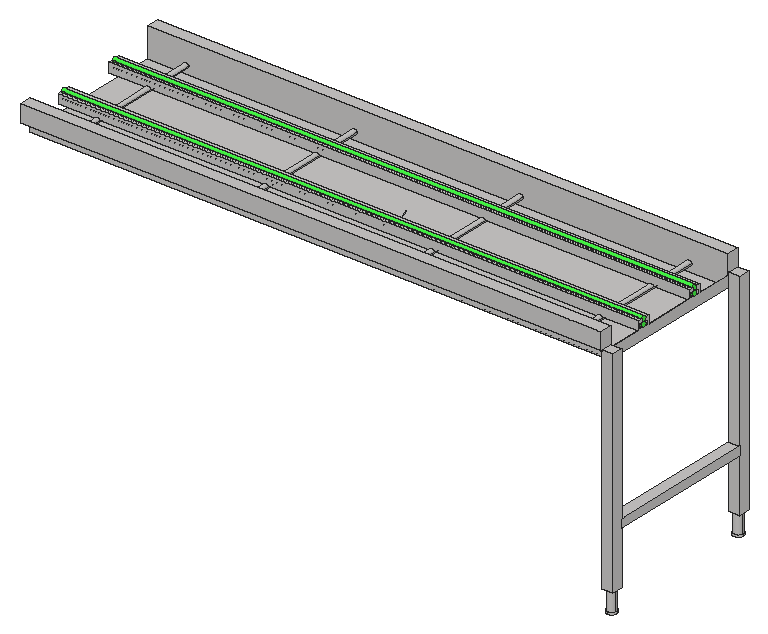
Revit family "QF_ELECTROLUXPROFESSIONAL_863159_HSBCC21", category Specialty Equipment, Revit 2018
Family settings
  Round Connector Dimension = Use Diameter
  Part Type = Normal
  Work Plane-Based = No
  Always vertical = Yes
  Cut with Voids When Loaded = No
  Shared = No
  Room Calculation Point = No
Parameters
  Weight = 0.00 kg
  Watts = 0 W
  Volts = 0 V
  URL Manufacturer = "http://professional.electrolux.com"
  URL = "http://professional.electrolux.com"
  Steam Supply Size = 0 mm
  Steam Supply Minimum Pressure = 0.0 Pa
  Steam Supply Maximum Pressure = 0.0 Pa
  Steam Pounds per Hour = 0
  Refrigeration Suction Line Size = 0 mm
  Refrigeration Liquid Line Size = 0 mm
  Refrigerant Compressor Remote = yes
  Manufacturer = "Electrolux"
  Phase = 0
  Model = "HSBCC21"
  Length Actual = 2100 mm  # constant formula
  Item Number = "863159"
  Hot Water Size = 0 mm
  Height Actual = 910 mm  # constant formula
  HP = "0 HP"
  Gas Size = 0 mm
  Gas KW = 0
  Gas Input Pressure = 0 W
  Description = "CORD CONVEYOR FOR BASKETS, L=2100 MM"
  Depth Actual = 620 mm  # constant formula
  Cycle = 0 Hz
  Condensate Return Size = 0 mm
  Compressed Air Volume = 0.0 L/s
  Compressed Air Size = 0 mm
  Compressed Air Pressure = 0.0 Pa
  Cold Water Size = 0 mm
  Accessory = yes
Reference planes
  plane 1 "Centro (Fronte/Retro)": y = 74.737
  plane 2: z = 0
  plane 3 "LEFT": x = -2538.761
  plane 4 "BACK": y = 384.737
  plane 5 "FRONT": y = -235.263
  plane 6: z = 910
  plane 7 "RIGHT": x = -438.761
  plane 8: x = -1488.761
Forms (mm)
  Extrusion 1, solid, material "QF_Finishes_Stainless Steel"
    sketch origin (11.239, 0, 0) x (0, 1, 0) y (0, 0, 1)
      loop
        line (-235.263, 910) -> (-235.263, 850.033) -> (-190.242, 850.033) -> (-190.242, 910) -> (-235.263, 910)
      loop
        line (384.737, 910) -> (339.716, 910) -> (339.716, 850.033) -> (384.737, 850.033) -> (384.737, 910)
    from -2550 to -451.2
  Extrusion 2, solid, material "QF_Finishes_Stainless Steel"
    sketch origin (11.239, 0, 0) x (0, 1, 0) y (0, 0, 1)
      loop
        line (-191.727, 850.033) -> (-191.727, 800.081) -> (341.245, 800.081) -> (341.245, 850.033) -> (339.716, 850.033) -> (339.716, 803.081) -> (-190.242, 803.081) -> (-190.242, 850.033) -> (-191.727, 850.033)
    from -2550 to -451.2
  Extrusion 3, solid, material "QF_Finishes_Stainless Steel"
    sketch origin (1061.239, 723.253, 4000) x (0, 1, 0) y (0, 0, 1)
      loop
        line (-958.516, -3090) -> (-958.516, -3149.967) -> (-934.752, -3185.632) -> (-915.4, -3185.632) -> (-915.4, -3199.919) -> (-381.633, -3199.919) -> (-381.633, -3185.632) -> (-362.281, -3185.632) -> (-338.516, -3149.967) -> (-338.516, -3090) -> (-383.538, -3090) -> (-383.538, -3161.926) -> (-913.495, -3161.926) -> (-913.495, -3090) -> (-958.516, -3090)
    from -1500 to -1501.2
  Extrusion 4, solid, material "QF_Finishes_Stainless Steel"
    sketch origin (-1477.522, 74.737, 0) x (-1, 0, 0) y (0, 0, -1)
      loop
        line (-1079.929, -300) -> (-1039.929, -300) -> (-1039.929, -270) -> (-1079.929, -270) -> (-1079.929, -300)
    from -266.504 to 266.46
  Revolve 5, solid, material "QF_Finishes_Stainless Steel"
    sketch origin (0, 74.737, 0) x (1, 0, 0) y (0, 0, 1)
      loop
        line (-1565.255, 800.081) -> (-1565.255, 786.333)
        arc (-1565.255, 786.333) -> (-1564.651, 784.73) -> (-1563.151, 783.903) r 2.474
        arc (-1563.151, 783.903) -> (-1559.843, 780.044) -> (-1563.138, 776.173) r 3.913
        arc (-1563.138, 776.173) -> (-1564.648, 775.341) -> (-1565.255, 773.728) r 2.49
        line (-1565.255, 773.728) -> (-1565.255, 733.404)
        arc (-1565.255, 733.404) -> (-1554.605, 702.706) -> (-1527.218, 685.219) r 49.516
        line (-1527.218, 685.219) -> (-1527.218, 682.73) -> (-1526.011, 681.079) -> (-1526.011, 679.492) -> (-1512.231, 673.492) -> (-1512.231, 638.761) -> (-1510.707, 637.3) -> (-1488.761, 637.3) -> (-1488.761, 800.081) -> (-1565.255, 800.081)
      axis (-1488.761, 800.081) -> (-1488.761, 637.3)
    angle from 0 to 360
  Extrusion 6, solid, material "QF_Finishes_Stainless Steel"
    sketch origin (0, 74.737, 0) x (1, 0, 0) y (0, 0, 1)
      loop
        circle (-2398.761, 831.05) r 8.5
    from -265 to 264.979
  Extrusion 7, solid, material "QF_Finishes_Stainless Steel"
    sketch origin (2140, 74.737, 0) x (1, 0, 0) y (0, 0, 1)
      loop
        circle (-2718.761, 831.05) r 8.5
    from -265 to 265
  Extrusion 8, solid, material "QF_Finishes_Stainless Steel"
    sketch origin (-438.761, 0, 0) x (0, 1, 0) y (0, 0, 1)
      loop
        line (-62.763, 869.045) -> (-62.763, 835.05) -> (-60.363, 835.05) -> (-60.363, 857.845) -> (-19.763, 857.845) -> (-19.763, 835.05) -> (-17.763, 835.05) -> (-17.763, 869.045) -> (-30.056, 869.045) -> (-35.275, 860.005) -> (-45.251, 860.005) -> (-50.47, 869.045) -> (-62.763, 869.045)
      loop
        line (212.237, 869.045) -> (199.944, 869.045) -> (194.725, 860.005) -> (184.749, 860.005) -> (179.53, 869.045) -> (167.237, 869.045) -> (167.237, 835.05) -> (169.237, 835.05) -> (169.237, 857.845) -> (209.837, 857.845) -> (209.837, 835.05) -> (212.237, 835.05) -> (212.237, 869.045)
    from 0 to -2100
  Extrusion 9, solid, material "QF_Finishes_Green"
    sketch origin (-438.761, 0, 0) x (0, 1, 0) y (0, 0, 1)
      loop
        circle (-40.263, 868.505) r 7.5
      loop
        circle (-40.263, 848.505) r 7.5
      loop
        circle (189.737, 868.505) r 7.5
      loop
        circle (189.737, 848.505) r 7.5
    from 0 to -2100
  Extrusion 10, solid, material "QF_Finishes_Stainless Steel"
    sketch origin (145, 74.737, 0) x (1, 0, 0) y (0, 0, 1)
      loop
        circle (-1934.261, 831.05) r 8.5
      loop
        circle (-1333.261, 831.05) r 8.5
    from -265 to 264.979
Cuts and joins
  joined: Extrusion 1, Extrusion 2, Extrusion 3, Extrusion 6, Extrusion 7, Extrusion 8, Extrusion 10
Lines and regions (mm)
  Split face 1
    outline origin (-1023.782, -239.063, 803.081) x (0, 1, 0) y (-1, 0, 0)
      loop
        circle (313.8, 464.979) r 3
  Split face 2
    outline origin (-1023.782, -239.063, 803.081) x (0, 1, 0) y (-1, 0, 0)
      loop
        circle (313.8, 464.979) r 9
  Split face 3
    outline origin (-1023.782, -239.063, 803.081) x (0, 1, 0) y (-1, 0, 0)
      loop
        circle (313.8, 464.979) r 26
  Split face 4
    outline origin (-1023.782, -239.063, 803.081) x (0, 1, 0) y (-1, 0, 0)
      loop
        circle (313.8, 464.979) r 36
  Split face 5
    outline origin (-1023.782, -239.063, 803.081) x (0, 1, 0) y (-1, 0, 0)
      loop
        circle (313.8, 464.979) r 53
  symbolic lines
    curve 1: line (-438.761, 384.737, 0) -> (-2538.761, 384.737, 0)
    curve 2: line (-2538.761, 384.737, 0) -> (-2538.761, -235.263, 0)
    curve 3: line (-2538.761, 339.716, 0) -> (-438.761, 339.716, 0)
    curve 4: line (-2538.761, -235.263, 0) -> (-438.761, -235.263, 0)
    curve 5: line (-438.761, -235.263, 0) -> (-438.761, 384.737, 0)
    curve 6: line (-438.761, -190.242, 0) -> (-2538.761, -190.242, 0)
    curve 7: line (-2538.761, 74.737, 0) -> (-2508.761, 74.737, 0)
    curve 8: line (-438.761, 74.737, 0) -> (-468.761, 74.737, 0)
    curve 9: circle (-1488.761, 74.737, 0) r 23.47 normal (0, 0, 1)
    curve 10: line (-438.761, 212.237, 0) -> (-2538.761, 212.237, 0)
    curve 11: line (-2538.761, 167.237, 0) -> (-438.761, 167.237, 0)
    curve 12: line (-438.761, -17.763, 0) -> (-2538.761, -17.763, 0)
    curve 13: line (-2538.761, -62.763, 0) -> (-438.761, -62.763, 0)
    curve 14: line (-2538.761, -47.763, 0) -> (-438.761, -47.763, 0)
    curve 15: line (-2538.761, -32.763, 0) -> (-438.761, -32.763, 0)
    curve 16: line (-2538.761, 197.237, 0) -> (-438.761, 197.237, 0)
    curve 17: line (-2538.761, 182.237, 0) -> (-438.761, 182.237, 0)
    curve 18: line (-2407.261, 339.716, 0) -> (-2407.261, 212.237, 0)
    curve 19: line (-2390.261, 339.716, 0) -> (-2390.261, 212.237, 0)
    curve 20: line (-2390.261, 167.237, 0) -> (-2390.261, -17.763, 0)
    curve 21: line (-2407.261, 167.237, 0) -> (-2407.261, -17.763, 0)
    curve 22: line (-2407.261, -62.763, 0) -> (-2407.261, -190.242, 0)
    curve 23: line (-2390.261, -62.763, 0) -> (-2390.261, -190.242, 0)
    curve 24: line (-587.261, 339.716, 0) -> (-587.261, 212.237, 0)
    curve 25: line (-570.261, 339.716, 0) -> (-570.261, 212.237, 0)
    curve 26: line (-570.261, 167.237, 0) -> (-570.261, -17.763, 0)
    curve 27: line (-587.261, 167.237, 0) -> (-587.261, -17.763, 0)
    curve 28: line (-587.261, -62.763, 0) -> (-587.261, -190.242, 0)
    curve 29: line (-570.261, -62.763, 0) -> (-570.261, -190.242, 0)
    curve 30: line (-1797.761, 339.716, 0) -> (-1797.761, 212.237, 0)
    curve 31: line (-1780.761, 339.716, 0) -> (-1780.761, 212.237, 0)
    curve 32: line (-1780.761, 167.237, 0) -> (-1780.761, -17.763, 0)
    curve 33: line (-1797.761, 167.237, 0) -> (-1797.761, -17.763, 0)
    curve 34: line (-1797.761, -62.763, 0) -> (-1797.761, -190.242, 0)
    curve 35: line (-1780.761, -62.763, 0) -> (-1780.761, -190.242, 0)
    curve 36: line (-1196.761, 339.716, 0) -> (-1196.761, 212.237, 0)
    curve 37: line (-1179.761, 339.716, 0) -> (-1179.761, 212.237, 0)
    curve 38: line (-1179.761, 167.237, 0) -> (-1179.761, -17.763, 0)
    curve 39: line (-1196.761, 167.237, 0) -> (-1196.761, -17.763, 0)
    curve 40: line (-1196.761, -62.763, 0) -> (-1196.761, -190.242, 0)
    curve 41: line (-1179.761, -62.763, 0) -> (-1179.761, -190.242, 0)
Dimensions and locks
  plane 3 "LEFT" to plane 7 "RIGHT" = 2100 mm
  equal spacing: plane 4 "BACK", plane 1 "Centro (Fronte/Retro)", plane 5 "FRONT"
  plane 4 "BACK" to plane 5 "FRONT" = 620 mm
  equal spacing: plane 3 "LEFT", plane 8, plane 7 "RIGHT"
  locked: Extrusion 6 sketch curve to plane 3 "LEFT" at 140
  locked: plane 7 "RIGHT" to Extrusion 7 sketch curve at 140
  aligned and locked: level to plane 2
  aligned and locked: curve 9 to Revolve 5
  aligned and locked: plane 8 to Split face 5  (x2)
  aligned and locked: plane 8 to Split face 4  (x2)
  aligned and locked: plane 8 to cut or joined group of Extrusion 1, Extrusion 2, Extrusion 3, Extrusion 6, Extrusion 7, Extrusion 8, Extrusion 10  (x4)
  aligned and locked: plane 8 to Split face 3  (x2)
  aligned and locked: plane 8 to Split face 2  (x2)
  aligned and locked: plane 8 to Split face 1  (x2)
  aligned and locked: Extrusion 2 to plane 3 "LEFT"
  aligned and locked: Extrusion 1 to plane 3 "LEFT"
  aligned and locked: Extrusion 8 to plane 3 "LEFT"
  aligned and locked: cut or joined group of Extrusion 1, Extrusion 2, Extrusion 3, Extrusion 6, Extrusion 7, Extrusion 8, Extrusion 10 to plane 3 "LEFT"  (x2)
  aligned and locked: plane 3 "LEFT" to curve 6
  aligned and locked: plane 3 "LEFT" to curve 4
  aligned and locked: Extrusion 9 to plane 3 "LEFT"
Automatic sketch dimensions
  Extrusion 1 sketch curve to plane 5 "FRONT" = 0 mm
  Extrusion 1 sketch curve to plane 6 = 0 mm  (x2)
  Extrusion 1 sketch curve to plane 4 "BACK" = 0 mm
  plane 5 "FRONT" to Extrusion 1 sketch curve = 45.021 mm
  Extrusion 1 sketch curve to plane 4 "BACK" = 45.021 mm
  Extrusion 1 sketch curve to Extrusion 1 sketch curve = 59.967 mm  (x2)
  plane 5 "FRONT" to Extrusion 2 sketch curve = 43.536 mm
  Extrusion 2 sketch curve to Extrusion 2 sketch curve = 1.486 mm
  Extrusion 2 sketch curve to plane 4 "BACK" = 45.021 mm
  Extrusion 2 sketch curve to Extrusion 2 sketch curve = 1.529 mm
  Extrusion 2 sketch curve to plane 6 = 109.919 mm
  Extrusion 2 sketch curve to Extrusion 2 sketch curve = 3 mm
  Extrusion 2 sketch curve to Extrusion 2 sketch curve = 46.952 mm  (x2)
  Extrusion 3 sketch curve to plane 5 "FRONT" = 0 mm
  Extrusion 3 sketch curve to plane 6 = 0 mm  (x2)
  Extrusion 3 sketch curve to plane 4 "BACK" = 0 mm
  plane 5 "FRONT" to Extrusion 3 sketch curve = 23.764 mm
  Extrusion 3 sketch curve to Extrusion 3 sketch curve = 19.352 mm  (x2)
  plane 5 "FRONT" to Extrusion 3 sketch curve = 45.021 mm
  Extrusion 3 sketch curve to plane 4 "BACK" = 45.021 mm
  Extrusion 3 sketch curve to Extrusion 3 sketch curve = 1.905 mm
  Extrusion 3 sketch curve to Extrusion 3 sketch curve = 59.967 mm  (x2)
  Extrusion 3 sketch curve to Extrusion 3 sketch curve = 11.959 mm
  Extrusion 3 sketch curve to Extrusion 3 sketch curve = 23.706 mm  (x2)
  Extrusion 3 sketch curve to Extrusion 3 sketch curve = 14.287 mm
  Extrusion 4 sketch curve to plane 7 "RIGHT" = 41.168 mm
  Extrusion 4 sketch curve to plane 7 "RIGHT" = 1.168 mm
  Extrusion 4 sketch curve to level = 270 mm
  Extrusion 4 sketch curve to Extrusion 4 sketch curve = 30 mm
  Extrusion 6 sketch curve to plane 6 = 78.95 mm
  Extrusion 7 sketch curve to plane 6 = 78.95 mm
  plane 1 "Centro (Fronte/Retro)" to Extrusion 8 sketch curve = 137.5 mm
  Extrusion 8 sketch curve to Extrusion 8 sketch curve = 2.4 mm  (x2)
  Extrusion 8 sketch curve to plane 6 = 40.955 mm  (x3)
  Extrusion 8 sketch curve to Extrusion 8 sketch curve = 12.293 mm  (x2)
  Extrusion 8 sketch curve to Extrusion 8 sketch curve = 5.219 mm  (x4)
  Extrusion 8 sketch curve to Extrusion 8 sketch curve = 9.976 mm  (x2)
  Extrusion 8 sketch curve to Extrusion 8 sketch curve = 10.293 mm
  Extrusion 8 sketch curve to Extrusion 8 sketch curve = 2 mm  (x2)
  Extrusion 8 sketch curve to plane 1 "Centro (Fronte/Retro)" = 92.5 mm
  Extrusion 8 sketch curve to plane 6 = 49.995 mm
  Extrusion 8 sketch curve to Extrusion 8 sketch curve = 9.893 mm
  Extrusion 8 sketch curve to Extrusion 8 sketch curve = 11.2 mm
  Extrusion 8 sketch curve to Extrusion 8 sketch curve = 2.16 mm
  Extrusion 8 sketch curve to Extrusion 8 sketch curve = 22.795 mm  (x4)
  Extrusion 8 sketch curve to Extrusion 8 sketch curve = 9.04 mm  (x2)
  plane 1 "Centro (Fronte/Retro)" to Extrusion 9 sketch curve = 115 mm
  Extrusion 9 sketch curve to Extrusion 9 sketch curve = 0 mm  (x2)
  Extrusion 9 sketch curve to plane 1 "Centro (Fronte/Retro)" = 115 mm
  Extrusion 9 sketch curve to plane 6 = 61.495 mm  (x2)
  Extrusion 9 sketch curve to Extrusion 9 sketch curve = 20 mm  (x2)
  plane 1 "Centro (Fronte/Retro)" to curve 7 = 0 mm
  plane 1 "Centro (Fronte/Retro)" to curve 8 = 0 mm
  curve 15 to plane 7 "RIGHT" = 0 mm
  curve 4 to plane 5 "FRONT" = 0 mm
  curve 2 to plane 4 "BACK" = 0 mm
  plane 3 "LEFT" to curve 7 = 30 mm
  curve 18 to plane 4 "BACK" = 45.021 mm
  plane 3 "LEFT" to curve 18 = 131.5 mm
  plane 5 "FRONT" to curve 22 = 45.021 mm
  plane 3 "LEFT" to curve 22 = 131.5 mm
  curve 21 to curve 18 = 0 mm
  curve 18 to curve 19 = 17 mm
  curve 21 to curve 20 = 17 mm
  curve 22 to curve 23 = 17 mm
  curve 33 to plane 1 "Centro (Fronte/Retro)" = 92.5 mm
  curve 33 to plane 8 = 309 mm
  curve 34 to curve 33 = 0 mm
  curve 30 to curve 33 = 0 mm
  curve 34 to curve 35 = 17 mm
  curve 30 to curve 31 = 17 mm
  curve 33 to curve 32 = 17 mm
  curve 36 to plane 1 "Centro (Fronte/Retro)" = 137.5 mm
  plane 8 to curve 36 = 292 mm
  plane 8 to curve 40 = 292 mm
  curve 39 to curve 40 = 0 mm
  curve 36 to curve 37 = 17 mm
  curve 39 to curve 38 = 17 mm
  curve 40 to curve 41 = 17 mm
  curve 28 to plane 7 "RIGHT" = 148.5 mm
  curve 24 to plane 7 "RIGHT" = 148.5 mm
  curve 27 to curve 28 = 0 mm
  curve 27 to curve 26 = 17 mm
  curve 24 to curve 25 = 17 mm
  curve 28 to curve 29 = 17 mm
  curve 8 to plane 7 "RIGHT" = 30 mm
  curve 35 to curve 35 = 127.479 mm
  curve 13 to curve 14 = 15 mm
  curve 14 to curve 15 = 15 mm
  curve 15 to curve 12 = 15 mm
  curve 11 to curve 17 = 15 mm
  curve 16 to curve 10 = 15 mm
  Revolve 5 sketch curve to plane 8 = 0 mm  (x2)
  Revolve 5 sketch curve to Revolve 5 sketch curve = 21.946 mm
  Revolve 5 sketch curve to Revolve 5 sketch curve = 1.524 mm
  Revolve 5 sketch curve to plane 8 = 26.978 mm
  Revolve 5 sketch curve to Revolve 5 sketch curve = 13.78 mm
  Revolve 5 sketch curve to Revolve 5 sketch curve = 1.206 mm
  Revolve 5 sketch curve to Revolve 5 sketch curve = 47.026 mm
  Revolve 5 sketch curve to Revolve 5 sketch curve = 0.016 mm  (x3)
  Revolve 5 sketch curve to Revolve 5 sketch curve = 0.976 mm
  Revolve 5 sketch curve to Revolve 5 sketch curve = 2.474 mm
  Revolve 5 sketch curve to Revolve 5 sketch curve = 2.49 mm
  Revolve 5 sketch curve to Revolve 5 sketch curve = 0 mm
  Revolve 5 sketch curve to plane 6 = 272.7 mm
  Revolve 5 sketch curve to Revolve 5 sketch curve = 1.461 mm
  Revolve 5 sketch curve to Revolve 5 sketch curve = 34.731 mm
  Revolve 5 sketch curve to Revolve 5 sketch curve = 6 mm
  Revolve 5 sketch curve to Revolve 5 sketch curve = 1.588 mm
  Revolve 5 sketch curve to Revolve 5 sketch curve = 1.651 mm
  Revolve 5 sketch curve to Revolve 5 sketch curve = 2.488 mm
  Revolve 5 sketch curve to Revolve 5 sketch curve = 48.167 mm
  Revolve 5 sketch curve to Revolve 5 sketch curve = 40.307 mm
  Revolve 5 sketch curve to Revolve 5 sketch curve = 6.326 mm
  Revolve 5 sketch curve to Revolve 5 sketch curve = 6.296 mm
  Revolve 5 sketch curve to Revolve 5 sketch curve = 13.748 mm
  Revolve 5 sketch curve to Revolve 5 sketch curve = 0.373 mm
  Revolve 5 sketch curve to Revolve 5 sketch curve = 38.557 mm
  plane 6 to Revolve 5 sketch curve = 8.743 mm
  cut or joined group of Extrusion 1, Extrusion 2, Extrusion 3, Extrusion 6, Extrusion 7, Extrusion 8, Extrusion 10 to Split face 1 sketch curve = 264.979 mm
  cut or joined group of Extrusion 1, Extrusion 2, Extrusion 3, Extrusion 6, Extrusion 7, Extrusion 8, Extrusion 10 to Split face 1 sketch curve = 1048.8 mm
  cut or joined group of Extrusion 1, Extrusion 2, Extrusion 3, Extrusion 6, Extrusion 7, Extrusion 8, Extrusion 10 to Split face 2 sketch curve = 264.979 mm
  cut or joined group of Extrusion 1, Extrusion 2, Extrusion 3, Extrusion 6, Extrusion 7, Extrusion 8, Extrusion 10 to Split face 2 sketch curve = 1048.8 mm
  cut or joined group of Extrusion 1, Extrusion 2, Extrusion 3, Extrusion 6, Extrusion 7, Extrusion 8, Extrusion 10 to Split face 3 sketch curve = 264.979 mm
  cut or joined group of Extrusion 1, Extrusion 2, Extrusion 3, Extrusion 6, Extrusion 7, Extrusion 8, Extrusion 10 to Split face 3 sketch curve = 1048.8 mm
  cut or joined group of Extrusion 1, Extrusion 2, Extrusion 3, Extrusion 6, Extrusion 7, Extrusion 8, Extrusion 10 to Split face 4 sketch curve = 264.979 mm
  cut or joined group of Extrusion 1, Extrusion 2, Extrusion 3, Extrusion 6, Extrusion 7, Extrusion 8, Extrusion 10 to Split face 4 sketch curve = 1048.8 mm
  cut or joined group of Extrusion 1, Extrusion 2, Extrusion 3, Extrusion 6, Extrusion 7, Extrusion 8, Extrusion 10 to Split face 5 sketch curve = 264.979 mm
  cut or joined group of Extrusion 1, Extrusion 2, Extrusion 3, Extrusion 6, Extrusion 7, Extrusion 8, Extrusion 10 to Split face 5 sketch curve = 1048.8 mm
  Extrusion 10 sketch curve to plane 6 = 78.95 mm  (x2)
  Extrusion 10 sketch curve to plane 8 = 300.5 mm
  plane 8 to Extrusion 10 sketch curve = 300.5 mm
  radius of Extrusion 6 sketch curve = 8.5 mm
  radius of Extrusion 7 sketch curve = 8.5 mm
  radius of Extrusion 9 sketch curve = 7.5 mm  (x4)
  radius of Split face 1 sketch curve = 3 mm
  radius of Split face 2 sketch curve = 9 mm
  radius of Split face 3 sketch curve = 26 mm
  radius of Split face 4 sketch curve = 36 mm
  radius of Split face 5 sketch curve = 53 mm
  radius of Extrusion 10 sketch curve = 8.5 mm  (x2)
Nested families
  nested 1: "Foot_40x40" at (-417.593, 361.245, 0) x (-1, 0, 0) z (0, 0, 1), type "Foot_40x40"
    with A 850.033 mm
  nested 2: "Foot_40x40" at (-417.593, -211.771, 0) x (-1, 0, 0) z (0, 0, 1), type "Foot_40x40"
    with A 850.033 mm
Connectors
  piping at (-1488.761, 74.737, 637.3), diameter 40
    settings: on Revolve 5, index 1, connector inside diameter 609.6 mm, connector length 0 mm, flow factor 0, pipe flow 0.0 L/s, pressure drop 0.0 Pa, fitting loss kfactor 0, connector angle 0.00°, fixture units 0, engagement length 0 mm, angle of deflection 0.00°, flow configuration 1, flow direction 2, fitting loss method 0, system type 16, joint type 0, gender type 0, connector reference index -1, connector utility 0, adjustable connector no, is connector primary yes, connector description "Drain"
Definition of nested family "Foot_40x40"
  Parameters
    A [instance] = 850 mm
  Reference planes
    plane 1 "Centro (Fronte/Retro)": y = 0
    plane 2: z = 0
    plane 3 "Centro (Sinistra/Destra)": x = 0
    plane 4: z = 850
  Forms (mm)
    Extrusion 1, solid
      sketch origin (0, 0, 0) x (1, 0, 0) y (0, 1, 0)
        loop
          circle (0, 0) r 18
      from 0 to 5
    Extrusion 2, solid
      sketch origin (0, 0, 5) x (1, 0, 0) y (0, 1, 0)
        loop
          circle (0, 0) r 15
      from 0 to 70
    Extrusion 3, solid
      sketch origin (0, 0, 75) x (1, 0, 0) y (0, 1, 0)
        loop
          line (-20, 20) -> (-20, -20) -> (20, -20) -> (20, 20) -> (-20, 20)
      from 0 to 775
  Dimensions and locks
    "A": plane 4 to plane 2
    aligned and locked: level to plane 2
    aligned and locked: plane 4 to Extrusion 3
    aligned and locked: Extrusion 1 to level
  Automatic sketch dimensions
    plane 1 "Centro (Fronte/Retro)" to Extrusion 1 sketch curve = 0 mm
    Extrusion 1 sketch curve to plane 3 "Centro (Sinistra/Destra)" = 0 mm
    Extrusion 3 sketch curve to Extrusion 3 sketch curve = 40 mm  (x2)
    radius of Extrusion 1 sketch curve = 18 mm
    radius of Extrusion 2 sketch curve to Extrusion 1 = 3 mm
